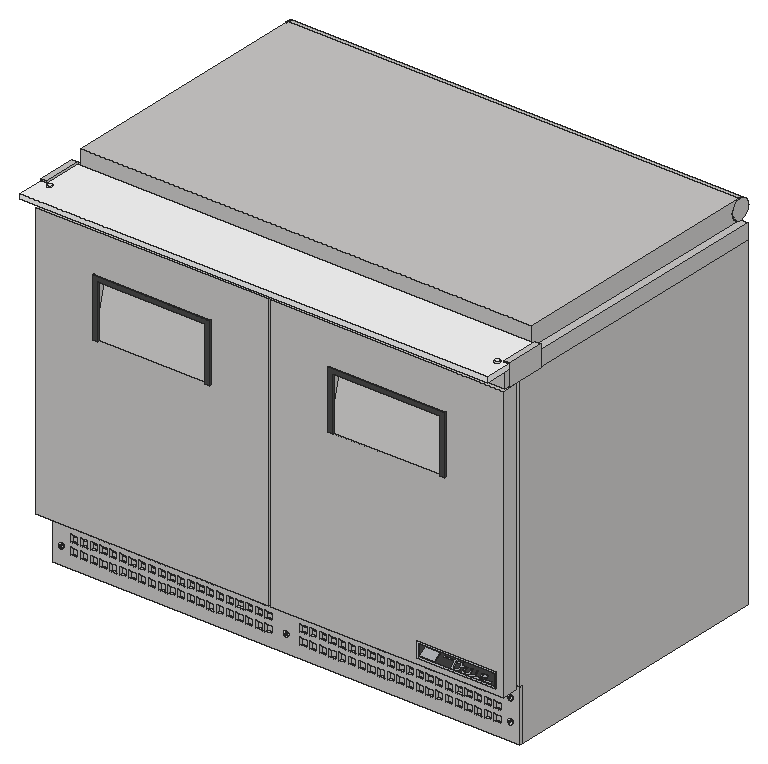
Revit family "QF_TRUE_TFP-48-18M-FGLID", category Specialty Equipment, Revit 2016
Family settings
  Part Type = Normal
  Round Connector Dimension = Use Diameter
  Work Plane-Based = No
  Always vertical = Yes
  Cut with Voids When Loaded = No
  Shared = No
  Room Calculation Point = No
Parameters
  Weight in Pounds = 0
  Watts = if(Phase = 3, Volts * FL Amps * 1.73, Volts * FL Amps)  # 333.5 W
  Volts = 115 V
  URL Cutsheet = ""
  Specification by User = ""
  Specification by Manufacturer = ""
  Show Logo [instance] = yes
  Show Clearance [instance] = yes
  Serial Number = ""
  Seismic Rating = ""
  SMACNA No = ""
  Revision Code = ""
  Phase = 1
  Number of Poles = 1
  NAFEM Spec ID Number = ""
  Model = "TFP-48-18M-FGLID"
  Min Ckt Ampacity = 0 A
  Max Overcurrent Protection = 0 A
  Masterspec = ""
  Manufacturer = "TRUE"
  Length = 48 1/8"
  Item Number = ""
  Installed By = ""
  Identify Quantity as Lot = yes
  Height = 38"
  HP = "1/5"
  Furnished By = ""
  Foodservice Equipment Identifier = yes
  FL Amps = 2.9 A
  Electrical Remarks = ""
  Electric Connection Type = ""
  Elec Conn RI Height = 0"
  Elec Conn Connection Height = 0"
  Description = "FOOD PREP UNIT WITH FLAT GLASS LID"
  Depth = 34 1/2"
  Cycle = 60 Hz
  Conn Plug = "NEMA 5-15P"
  Conn Conduit = yes
  CSI MasterFormat = ""
  Apparent Power = if(Phase = 3, Volts * FL Amps * 1.73, Volts * FL Amps)  # 333.5 VA
Reference planes (in)
  plane 1 "BACK": y = 0
  plane 2: z = 0
  plane 3 "LEFT": x = 0
  plane 4 "RIGHT": x = 48.125
  plane 5 "FRONT": y = -34.5
  plane 6 "TOP": z = 38
  plane 7 "Center Y": x = 24.0625
  plane 8 "Center X": y = -17.25
  plane 9: z = 0.75
  plane 10: z = 36
Dimensions and locks (in)
  equal spacing: plane 3 "LEFT", plane 7 "Center Y", plane 4 "RIGHT"
  "Length": plane 3 "LEFT" to plane 4 "RIGHT"
  equal spacing: plane 5 "FRONT", plane 8 "Center X", plane 1 "BACK"
  "Depth": plane 5 "FRONT" to plane 1 "BACK"
  "Height": plane 6 "TOP" to level
  plane 9 to level = 3/4"
  plane 10 to level = 36"
  aligned and locked: level to plane 2
Nested families (in)
  nested 1: "TFP-48-18M-FGLID" at (0, 16.5, 0), Show Logo <- "Show Logo", Show Clearance <- "Show Clearance", type "TFP-48-18M-FGLID"
    with Type Mark "", Specification by User "", Show Logo yes, Show Clearance yes, Revision Code "", Number of Poles 1, Item Number "", Installed By "", Identify Quantity as Lot yes, Furnished By "", Foodservice Equipment Identifier yes, Electrical Remarks "", Electric Connection Type "", Elec Conn RI Height 0", Elec Conn Connection Height 0"
Connectors (in)
  electrical at (29.81237, -0.96875, 6.1875), driven by "Volts", driven by "Watts"
    settings: on nested 1, index 1, voltage 115 V, apparent load 333.5 VA, apparent load phase1 0 VA, apparent load phase2 0 VA, apparent load phase3 0 VA, power factor 1, load classification "Other", number of poles 1, system type 30, power factor state 1, is connector primary yes, connector utility no, sub classification motor no, connector description "ELECTRICAL CONNECTION"
Definition of nested family "TFP-48-18M-FGLID"
  Parameters (values of type "TFP-48-18M-FGLID")
    Weight in Pounds = 0
    Watts = FL Amps * Volts  # 333.5 W
    Volts = 115 V
    URL Cutsheet = "www.truemfg.com"
    URL = "www.truemfg.com"
    Type Mark [instance] = ""
    Specification by User [instance] = ""
    Specification by Manufacturer = ""
    Show Logo [instance] = yes
    Show Clearance [instance] = yes
    Serial Number = ""
    Seismic Rating = ""
    SMACNA No = ""
    Revision Code [instance] = ""
    Phase = 1
    Omniclass Number and Title = ""
    Number of Poles [instance] = 1
    NAFEM Spec ID Number = ""
    Model = "TFP-48-18M-D-4 LID"
    Min Ckt Ampacity = 0 A
    Max Overcurrent Protection = 0 A
    Masterspec = ""
    Manufacturer = "TRUE FOOD SERVICE EQUIPMENT, INC."
    Item Number [instance] = ""
    Installed By [instance] = ""
    Identify Quantity as Lot [instance] = yes
    HP = "1/5"
    Furnished By [instance] = ""
    Foodservice Equipment Identifier [instance] = yes
    FL Amps = 2.9 A
    Electrical Remarks [instance] = ""
    Electric Connection Type [instance] = ""
    Elec Conn RI Height [instance] = 0"
    Elec Conn Connection Height [instance] = 0"
    Description = "DRAWERED FOOD PREP UNIT"
    Cycle = 60 Hz
    Conn Plug = "5-15P"
    Conn Conduit = yes
    CSI MasterFormat = ""
    CSI Master Format = ""
    Apparent Power = if(Phase = 3, Volts * FL Amps * 1.73, Volts * FL Amps)  # 333.5 VA
  Reference planes (in)
    plane 1 "BACK": y = -16.5
    plane 2: z = 0
    plane 3 "LEFT": x = 0
    plane 4 "RIGHT": x = 48.125
    plane 5 "FRONT": y = -51
    plane 6 "TOP": z = 38
    plane 7: y = -48.75
    plane 8: z = 0.75
    plane 9: z = 59.625
    plane 10: z = 36
    plane 11: y = -71.25
    plane 12: x = 24.0625
    plane 13: x = 47.3125
    plane 14: x = 0.8125
  Forms (in)
    Extrusion 1, solid
      sketch origin (8, -16.96875, 0) x (1, 0, 0) y (0, 0, 1)
        loop
          line (-8, 0.75) -> (40.125, 0.75) -> (40.125, 6.05001) -> (-8, 6.05001) -> (-8, 0.75)
        loop
          line (-6.10691, 5.23339) -> (-6.10691, 4.48339) -> (-5.35691, 4.48339) -> (-5.35691, 5.23339) -> (-6.10691, 5.23339)
        loop
          line (-4.10691, 5.23339) -> (-4.10691, 4.48339) -> (-3.35691, 4.48339) -> (-3.35691, 5.23339) -> (-4.10691, 5.23339)
        loop
          line (-2.10691, 5.23339) -> (-2.10691, 4.48339) -> (-1.35691, 4.48339) -> (-1.35691, 5.23339) -> (-2.10691, 5.23339)
        loop
          line (-0.10691, 5.23339) -> (-0.10691, 4.48339) -> (0.64309, 4.48339) -> (0.64309, 5.23339) -> (-0.10691, 5.23339)
        loop
          line (1.89309, 5.23339) -> (1.89309, 4.48339) -> (2.64309, 4.48339) -> (2.64309, 5.23339) -> (1.89309, 5.23339)
        loop
          line (3.89309, 5.23339) -> (3.89309, 4.48339) -> (4.64309, 4.48339) -> (4.64309, 5.23339) -> (3.89309, 5.23339)
        loop
          line (5.89309, 5.23339) -> (5.89309, 4.48339) -> (6.64309, 4.48339) -> (6.64309, 5.23339) -> (5.89309, 5.23339)
        loop
          line (-6.10691, 3.98339) -> (-6.10691, 3.23339) -> (-5.35691, 3.23339) -> (-5.35691, 3.98339) -> (-6.10691, 3.98339)
        loop
          line (-4.10691, 3.98339) -> (-4.10691, 3.23339) -> (-3.35691, 3.23339) -> (-3.35691, 3.98339) -> (-4.10691, 3.98339)
        loop
          line (-2.10691, 3.98339) -> (-2.10691, 3.23339) -> (-1.35691, 3.23339) -> (-1.35691, 3.98339) -> (-2.10691, 3.98339)
        loop
          line (-0.10691, 3.98339) -> (-0.10691, 3.23339) -> (0.64309, 3.23339) -> (0.64309, 3.98339) -> (-0.10691, 3.98339)
        loop
          line (1.89309, 3.98339) -> (1.89309, 3.23339) -> (2.64309, 3.23339) -> (2.64309, 3.98339) -> (1.89309, 3.98339)
        loop
          line (3.89309, 3.98339) -> (3.89309, 3.23339) -> (4.64309, 3.23339) -> (4.64309, 3.98339) -> (3.89309, 3.98339)
        loop
          line (5.89309, 3.98339) -> (5.89309, 3.23339) -> (6.64309, 3.23339) -> (6.64309, 3.98339) -> (5.89309, 3.98339)
        loop
          line (-6.10691, 2.73339) -> (-6.10691, 1.98339) -> (-5.35691, 1.98339) -> (-5.35691, 2.73339) -> (-6.10691, 2.73339)
        loop
          line (-4.10691, 2.73339) -> (-4.10691, 1.98339) -> (-3.35691, 1.98339) -> (-3.35691, 2.73339) -> (-4.10691, 2.73339)
        loop
          line (-2.10691, 2.73339) -> (-2.10691, 1.98339) -> (-1.35691, 1.98339) -> (-1.35691, 2.73339) -> (-2.10691, 2.73339)
        loop
          line (-0.10691, 2.73339) -> (-0.10691, 1.98339) -> (0.64309, 1.98339) -> (0.64309, 2.73339) -> (-0.10691, 2.73339)
        loop
          line (1.89309, 2.73339) -> (1.89309, 1.98339) -> (2.64309, 1.98339) -> (2.64309, 2.73339) -> (1.89309, 2.73339)
        loop
          line (3.89309, 2.73339) -> (3.89309, 1.98339) -> (4.64309, 1.98339) -> (4.64309, 2.73339) -> (3.89309, 2.73339)
        loop
          line (5.89309, 2.73339) -> (5.89309, 1.98339) -> (6.64309, 1.98339) -> (6.64309, 2.73339) -> (5.89309, 2.73339)
        loop
          line (-5.10691, 5.23339) -> (-5.10691, 4.48339) -> (-4.35691, 4.48339) -> (-4.35691, 5.23339) -> (-5.10691, 5.23339)
        loop
          line (-5.10691, 3.98339) -> (-5.10691, 3.23339) -> (-4.35691, 3.23339) -> (-4.35691, 3.98339) -> (-5.10691, 3.98339)
        loop
          line (-5.10691, 2.73339) -> (-5.10691, 1.98339) -> (-4.35691, 1.98339) -> (-4.35691, 2.73339) -> (-5.10691, 2.73339)
        loop
          line (-3.10691, 5.23339) -> (-3.10691, 4.48339) -> (-2.35691, 4.48339) -> (-2.35691, 5.23339) -> (-3.10691, 5.23339)
        loop
          line (-3.10691, 3.98339) -> (-3.10691, 3.23339) -> (-2.35691, 3.23339) -> (-2.35691, 3.98339) -> (-3.10691, 3.98339)
        loop
          line (-3.10691, 2.73339) -> (-3.10691, 1.98339) -> (-2.35691, 1.98339) -> (-2.35691, 2.73339) -> (-3.10691, 2.73339)
        loop
          line (-1.10691, 5.23339) -> (-1.10691, 4.48339) -> (-0.35691, 4.48339) -> (-0.35691, 5.23339) -> (-1.10691, 5.23339)
        loop
          line (-1.10691, 3.98339) -> (-1.10691, 3.23339) -> (-0.35691, 3.23339) -> (-0.35691, 3.98339) -> (-1.10691, 3.98339)
        loop
          line (-1.10691, 2.73339) -> (-1.10691, 1.98339) -> (-0.35691, 1.98339) -> (-0.35691, 2.73339) -> (-1.10691, 2.73339)
        loop
          line (0.89309, 5.23339) -> (0.89309, 4.48339) -> (1.64309, 4.48339) -> (1.64309, 5.23339) -> (0.89309, 5.23339)
        loop
          line (0.89309, 3.98339) -> (0.89309, 3.23339) -> (1.64309, 3.23339) -> (1.64309, 3.98339) -> (0.89309, 3.98339)
        loop
          line (0.89309, 2.73339) -> (0.89309, 1.98339) -> (1.64309, 1.98339) -> (1.64309, 2.73339) -> (0.89309, 2.73339)
        loop
          line (2.89309, 5.23339) -> (2.89309, 4.48339) -> (3.64309, 4.48339) -> (3.64309, 5.23339) -> (2.89309, 5.23339)
        loop
          line (2.89309, 3.98339) -> (2.89309, 3.23339) -> (3.64309, 3.23339) -> (3.64309, 3.98339) -> (2.89309, 3.98339)
        loop
          line (2.89309, 2.73339) -> (2.89309, 1.98339) -> (3.64309, 1.98339) -> (3.64309, 2.73339) -> (2.89309, 2.73339)
        loop
          line (4.89309, 5.23339) -> (4.89309, 4.48339) -> (5.64309, 4.48339) -> (5.64309, 5.23339) -> (4.89309, 5.23339)
        loop
          line (4.89309, 3.98339) -> (4.89309, 3.23339) -> (5.64309, 3.23339) -> (5.64309, 3.98339) -> (4.89309, 3.98339)
        loop
          line (4.89309, 2.73339) -> (4.89309, 1.98339) -> (5.64309, 1.98339) -> (5.64309, 2.73339) -> (4.89309, 2.73339)
        loop
          line (7.89309, 5.23339) -> (7.89309, 4.48339) -> (8.64309, 4.48339) -> (8.64309, 5.23339) -> (7.89309, 5.23339)
        loop
          line (9.89309, 5.23339) -> (9.89309, 4.48339) -> (10.64309, 4.48339) -> (10.64309, 5.23339) -> (9.89309, 5.23339)
        loop
          line (11.89309, 5.23339) -> (11.89309, 4.48339) -> (12.64309, 4.48339) -> (12.64309, 5.23339) -> (11.89309, 5.23339)
        loop
          line (7.89309, 3.98339) -> (7.89309, 3.23339) -> (8.64309, 3.23339) -> (8.64309, 3.98339) -> (7.89309, 3.98339)
        loop
          line (9.89309, 3.98339) -> (9.89309, 3.23339) -> (10.64309, 3.23339) -> (10.64309, 3.98339) -> (9.89309, 3.98339)
        loop
          line (11.89309, 3.98339) -> (11.89309, 3.23339) -> (12.64309, 3.23339) -> (12.64309, 3.98339) -> (11.89309, 3.98339)
        loop
          line (7.89309, 2.73339) -> (7.89309, 1.98339) -> (8.64309, 1.98339) -> (8.64309, 2.73339) -> (7.89309, 2.73339)
        loop
          line (9.89309, 2.73339) -> (9.89309, 1.98339) -> (10.64309, 1.98339) -> (10.64309, 2.73339) -> (9.89309, 2.73339)
        loop
          line (11.89309, 2.73339) -> (11.89309, 1.98339) -> (12.64309, 1.98339) -> (12.64309, 2.73339) -> (11.89309, 2.73339)
        loop
          line (6.89309, 5.23339) -> (6.89309, 4.48339) -> (7.64309, 4.48339) -> (7.64309, 5.23339) -> (6.89309, 5.23339)
        loop
          line (6.89309, 3.98339) -> (6.89309, 3.23339) -> (7.64309, 3.23339) -> (7.64309, 3.98339) -> (6.89309, 3.98339)
        loop
          line (6.89309, 2.73339) -> (6.89309, 1.98339) -> (7.64309, 1.98339) -> (7.64309, 2.73339) -> (6.89309, 2.73339)
        loop
          line (8.89309, 5.23339) -> (8.89309, 4.48339) -> (9.64309, 4.48339) -> (9.64309, 5.23339) -> (8.89309, 5.23339)
        loop
          line (8.89309, 3.98339) -> (8.89309, 3.23339) -> (9.64309, 3.23339) -> (9.64309, 3.98339) -> (8.89309, 3.98339)
        loop
          line (8.89309, 2.73339) -> (8.89309, 1.98339) -> (9.64309, 1.98339) -> (9.64309, 2.73339) -> (8.89309, 2.73339)
        loop
          line (10.89309, 5.23339) -> (10.89309, 4.48339) -> (11.64309, 4.48339) -> (11.64309, 5.23339) -> (10.89309, 5.23339)
        loop
          line (10.89309, 3.98339) -> (10.89309, 3.23339) -> (11.64309, 3.23339) -> (11.64309, 3.98339) -> (10.89309, 3.98339)
        loop
          line (10.89309, 2.73339) -> (10.89309, 1.98339) -> (11.64309, 1.98339) -> (11.64309, 2.73339) -> (10.89309, 2.73339)
        loop
          line (13.89309, 5.23339) -> (13.89309, 4.48339) -> (14.64309, 4.48339) -> (14.64309, 5.23339) -> (13.89309, 5.23339)
        loop
          line (13.89309, 3.98339) -> (13.89309, 3.23339) -> (14.64309, 3.23339) -> (14.64309, 3.98339) -> (13.89309, 3.98339)
        loop
          line (13.89309, 2.73339) -> (13.89309, 1.98339) -> (14.64309, 1.98339) -> (14.64309, 2.73339) -> (13.89309, 2.73339)
        loop
          line (12.89309, 5.23339) -> (12.89309, 4.48339) -> (13.64309, 4.48339) -> (13.64309, 5.23339) -> (12.89309, 5.23339)
        loop
          line (12.89309, 3.98339) -> (12.89309, 3.23339) -> (13.64309, 3.23339) -> (13.64309, 3.98339) -> (12.89309, 3.98339)
        loop
          line (12.89309, 2.73339) -> (12.89309, 1.98339) -> (13.64309, 1.98339) -> (13.64309, 2.73339) -> (12.89309, 2.73339)
        loop
          line (38.23191, 5.23339) -> (37.48191, 5.23339) -> (37.48191, 4.48339) -> (38.23191, 4.48339) -> (38.23191, 5.23339)
        loop
          line (36.23191, 5.23339) -> (35.48191, 5.23339) -> (35.48191, 4.48339) -> (36.23191, 4.48339) -> (36.23191, 5.23339)
        loop
          line (34.23191, 5.23339) -> (33.48191, 5.23339) -> (33.48191, 4.48339) -> (34.23191, 4.48339) -> (34.23191, 5.23339)
        loop
          line (32.23191, 5.23339) -> (31.48191, 5.23339) -> (31.48191, 4.48339) -> (32.23191, 4.48339) -> (32.23191, 5.23339)
        loop
          line (30.23191, 5.23339) -> (29.48191, 5.23339) -> (29.48191, 4.48339) -> (30.23191, 4.48339) -> (30.23191, 5.23339)
        loop
          line (28.23191, 5.23339) -> (27.48191, 5.23339) -> (27.48191, 4.48339) -> (28.23191, 4.48339) -> (28.23191, 5.23339)
        loop
          line (26.23191, 5.23339) -> (25.48191, 5.23339) -> (25.48191, 4.48339) -> (26.23191, 4.48339) -> (26.23191, 5.23339)
        loop
          line (38.23191, 3.98339) -> (37.48191, 3.98339) -> (37.48191, 3.23339) -> (38.23191, 3.23339) -> (38.23191, 3.98339)
        loop
          line (36.23191, 3.98339) -> (35.48191, 3.98339) -> (35.48191, 3.23339) -> (36.23191, 3.23339) -> (36.23191, 3.98339)
        loop
          line (34.23191, 3.98339) -> (33.48191, 3.98339) -> (33.48191, 3.23339) -> (34.23191, 3.23339) -> (34.23191, 3.98339)
        loop
          line (32.23191, 3.98339) -> (31.48191, 3.98339) -> (31.48191, 3.23339) -> (32.23191, 3.23339) -> (32.23191, 3.98339)
        loop
          line (30.23191, 3.98339) -> (29.48191, 3.98339) -> (29.48191, 3.23339) -> (30.23191, 3.23339) -> (30.23191, 3.98339)
        loop
          line (28.23191, 3.98339) -> (27.48191, 3.98339) -> (27.48191, 3.23339) -> (28.23191, 3.23339) -> (28.23191, 3.98339)
        loop
          line (26.23191, 3.98339) -> (25.48191, 3.98339) -> (25.48191, 3.23339) -> (26.23191, 3.23339) -> (26.23191, 3.98339)
        loop
          line (38.23191, 2.73339) -> (37.48191, 2.73339) -> (37.48191, 1.98339) -> (38.23191, 1.98339) -> (38.23191, 2.73339)
        loop
          line (36.23191, 2.73339) -> (35.48191, 2.73339) -> (35.48191, 1.98339) -> (36.23191, 1.98339) -> (36.23191, 2.73339)
        loop
          line (34.23191, 2.73339) -> (33.48191, 2.73339) -> (33.48191, 1.98339) -> (34.23191, 1.98339) -> (34.23191, 2.73339)
        loop
          line (32.23191, 2.73339) -> (31.48191, 2.73339) -> (31.48191, 1.98339) -> (32.23191, 1.98339) -> (32.23191, 2.73339)
        loop
          line (30.23191, 2.73339) -> (29.48191, 2.73339) -> (29.48191, 1.98339) -> (30.23191, 1.98339) -> (30.23191, 2.73339)
        loop
          line (28.23191, 2.73339) -> (27.48191, 2.73339) -> (27.48191, 1.98339) -> (28.23191, 1.98339) -> (28.23191, 2.73339)
        loop
          line (26.23191, 2.73339) -> (25.48191, 2.73339) -> (25.48191, 1.98339) -> (26.23191, 1.98339) -> (26.23191, 2.73339)
        loop
          line (37.23191, 5.23339) -> (36.48191, 5.23339) -> (36.48191, 4.48339) -> (37.23191, 4.48339) -> (37.23191, 5.23339)
        loop
          line (37.23191, 3.98339) -> (36.48191, 3.98339) -> (36.48191, 3.23339) -> (37.23191, 3.23339) -> (37.23191, 3.98339)
        loop
          line (37.23191, 2.73339) -> (36.48191, 2.73339) -> (36.48191, 1.98339) -> (37.23191, 1.98339) -> (37.23191, 2.73339)
        loop
          line (35.23191, 5.23339) -> (34.48191, 5.23339) -> (34.48191, 4.48339) -> (35.23191, 4.48339) -> (35.23191, 5.23339)
        loop
          line (35.23191, 3.98339) -> (34.48191, 3.98339) -> (34.48191, 3.23339) -> (35.23191, 3.23339) -> (35.23191, 3.98339)
        loop
          line (35.23191, 2.73339) -> (34.48191, 2.73339) -> (34.48191, 1.98339) -> (35.23191, 1.98339) -> (35.23191, 2.73339)
        loop
          line (33.23191, 5.23339) -> (32.48191, 5.23339) -> (32.48191, 4.48339) -> (33.23191, 4.48339) -> (33.23191, 5.23339)
        loop
          line (33.23191, 3.98339) -> (32.48191, 3.98339) -> (32.48191, 3.23339) -> (33.23191, 3.23339) -> (33.23191, 3.98339)
        loop
          line (33.23191, 2.73339) -> (32.48191, 2.73339) -> (32.48191, 1.98339) -> (33.23191, 1.98339) -> (33.23191, 2.73339)
        loop
          line (31.23191, 5.23339) -> (30.48191, 5.23339) -> (30.48191, 4.48339) -> (31.23191, 4.48339) -> (31.23191, 5.23339)
        loop
          line (31.23191, 3.98339) -> (30.48191, 3.98339) -> (30.48191, 3.23339) -> (31.23191, 3.23339) -> (31.23191, 3.98339)
        loop
          line (31.23191, 2.73339) -> (30.48191, 2.73339) -> (30.48191, 1.98339) -> (31.23191, 1.98339) -> (31.23191, 2.73339)
        loop
          line (29.23191, 5.23339) -> (28.48191, 5.23339) -> (28.48191, 4.48339) -> (29.23191, 4.48339) -> (29.23191, 5.23339)
        loop
          line (29.23191, 3.98339) -> (28.48191, 3.98339) -> (28.48191, 3.23339) -> (29.23191, 3.23339) -> (29.23191, 3.98339)
        loop
          line (29.23191, 2.73339) -> (28.48191, 2.73339) -> (28.48191, 1.98339) -> (29.23191, 1.98339) -> (29.23191, 2.73339)
        loop
          line (27.23191, 5.23339) -> (26.48191, 5.23339) -> (26.48191, 4.48339) -> (27.23191, 4.48339) -> (27.23191, 5.23339)
        loop
          line (27.23191, 3.98339) -> (26.48191, 3.98339) -> (26.48191, 3.23339) -> (27.23191, 3.23339) -> (27.23191, 3.98339)
        loop
          line (27.23191, 2.73339) -> (26.48191, 2.73339) -> (26.48191, 1.98339) -> (27.23191, 1.98339) -> (27.23191, 2.73339)
        loop
          line (24.23191, 5.23339) -> (23.48191, 5.23339) -> (23.48191, 4.48339) -> (24.23191, 4.48339) -> (24.23191, 5.23339)
        loop
          line (22.23191, 5.23339) -> (21.48191, 5.23339) -> (21.48191, 4.48339) -> (22.23191, 4.48339) -> (22.23191, 5.23339)
        loop
          line (20.23191, 5.23339) -> (19.48191, 5.23339) -> (19.48191, 4.48339) -> (20.23191, 4.48339) -> (20.23191, 5.23339)
        loop
          line (24.23191, 3.98339) -> (23.48191, 3.98339) -> (23.48191, 3.23339) -> (24.23191, 3.23339) -> (24.23191, 3.98339)
        loop
          line (22.23191, 3.98339) -> (21.48191, 3.98339) -> (21.48191, 3.23339) -> (22.23191, 3.23339) -> (22.23191, 3.98339)
        loop
          line (20.23191, 3.98339) -> (19.48191, 3.98339) -> (19.48191, 3.23339) -> (20.23191, 3.23339) -> (20.23191, 3.98339)
        loop
          line (24.23191, 2.73339) -> (23.48191, 2.73339) -> (23.48191, 1.98339) -> (24.23191, 1.98339) -> (24.23191, 2.73339)
        loop
          line (22.23191, 2.73339) -> (21.48191, 2.73339) -> (21.48191, 1.98339) -> (22.23191, 1.98339) -> (22.23191, 2.73339)
        loop
          line (20.23191, 2.73339) -> (19.48191, 2.73339) -> (19.48191, 1.98339) -> (20.23191, 1.98339) -> (20.23191, 2.73339)
        loop
          line (25.23191, 5.23339) -> (24.48191, 5.23339) -> (24.48191, 4.48339) -> (25.23191, 4.48339) -> (25.23191, 5.23339)
        loop
          line (25.23191, 3.98339) -> (24.48191, 3.98339) -> (24.48191, 3.23339) -> (25.23191, 3.23339) -> (25.23191, 3.98339)
        loop
          line (25.23191, 2.73339) -> (24.48191, 2.73339) -> (24.48191, 1.98339) -> (25.23191, 1.98339) -> (25.23191, 2.73339)
        loop
          line (23.23191, 5.23339) -> (22.48191, 5.23339) -> (22.48191, 4.48339) -> (23.23191, 4.48339) -> (23.23191, 5.23339)
        loop
          line (23.23191, 3.98339) -> (22.48191, 3.98339) -> (22.48191, 3.23339) -> (23.23191, 3.23339) -> (23.23191, 3.98339)
        loop
          line (23.23191, 2.73339) -> (22.48191, 2.73339) -> (22.48191, 1.98339) -> (23.23191, 1.98339) -> (23.23191, 2.73339)
        loop
          line (21.23191, 5.23339) -> (20.48191, 5.23339) -> (20.48191, 4.48339) -> (21.23191, 4.48339) -> (21.23191, 5.23339)
        loop
          line (21.23191, 3.98339) -> (20.48191, 3.98339) -> (20.48191, 3.23339) -> (21.23191, 3.23339) -> (21.23191, 3.98339)
        loop
          line (21.23191, 2.73339) -> (20.48191, 2.73339) -> (20.48191, 1.98339) -> (21.23191, 1.98339) -> (21.23191, 2.73339)
        loop
          line (18.23191, 5.23339) -> (17.48191, 5.23339) -> (17.48191, 4.48339) -> (18.23191, 4.48339) -> (18.23191, 5.23339)
        loop
          line (18.23191, 3.98339) -> (17.48191, 3.98339) -> (17.48191, 3.23339) -> (18.23191, 3.23339) -> (18.23191, 3.98339)
        loop
          line (18.23191, 2.73339) -> (17.48191, 2.73339) -> (17.48191, 1.98339) -> (18.23191, 1.98339) -> (18.23191, 2.73339)
        loop
          line (19.23191, 5.23339) -> (18.48191, 5.23339) -> (18.48191, 4.48339) -> (19.23191, 4.48339) -> (19.23191, 5.23339)
        loop
          line (19.23191, 3.98339) -> (18.48191, 3.98339) -> (18.48191, 3.23339) -> (19.23191, 3.23339) -> (19.23191, 3.98339)
        loop
          line (19.23191, 2.73339) -> (18.48191, 2.73339) -> (18.48191, 1.98339) -> (19.23191, 1.98339) -> (19.23191, 2.73339)
      from 29.62 to 29.87
    Extrusion 2, solid
      sketch origin (0, -0.96875, 0) x (0, 1, 0) y (0, 0, 1)
        loop
          line (-47.78125, 36) -> (-47.78125, 34.40823) -> (-16.53125, 34.40823) -> (-16.53125, 36) -> (-47.78125, 36)
      from 0 to 48.125
    Extrusion 3, solid
      sketch origin (0, -0.96875, 0) x (0, 1, 0) y (0, 0, 1)
        loop
          line (-45.87, 34.40823) -> (-45.87, 6.04042) -> (-17, 6.04042) -> (-17, 3.25) -> (-45.12, 3.25) -> (-45.12, 1) -> (-45.62, 1) -> (-45.62, 0.75) -> (-44.87, 0.75) -> (-44.87, 3) -> (-17, 3) -> (-17, 0.75) -> (-16.53125, 0.75) -> (-16.53125, 34.40823) -> (-45.87, 34.40823)
      from 0 to 48.125
    Extrusion 4, solid
      sketch origin (0, -17.46875, 0) x (1, 0, 0) y (0, 0, 1)
        loop
          line (0, 0.75) -> (0.53645, 0.75) -> (0.53645, 6.04042) -> (0, 6.04042) -> (0, 0.75)
        loop
          line (48.125, 0.75) -> (48.125, 6.04042) -> (47.58855, 6.04042) -> (47.58855, 0.75) -> (48.125, 0.75)
      from 0.03125 to 29.12
    Extrusion 5, solid
      sketch origin (0, -15.96875, 0) x (1, 0, 0) y (0, 0, 1)
        loop
          line (23.9375, 6.04042) -> (23.9375, 34.28323) -> (0, 34.28323) -> (0, 6.04042) -> (23.9375, 6.04042)
        loop
          line (5.96875, 24.28323) -> (17.96875, 24.28323) -> (17.96875, 30.28323) -> (5.96875, 30.28323) -> (5.96875, 24.28323)
        loop
          line (24.1875, 6.04042) -> (48.125, 6.04042) -> (48.125, 34.28323) -> (24.1875, 34.28323) -> (24.1875, 6.04042)
        loop
          line (42.15625, 24.28323) -> (42.15625, 30.28323) -> (30.15625, 30.28323) -> (30.15625, 24.28323) -> (42.15625, 24.28323)
      from 31.44201 to 33
    Extrusion 6, solid
      sketch origin (0, 0.53125, 0) x (0, 1, 0) y (0, 0, 1)
        loop
          line (-47.94201, 33.8406) -> (-47.94201, 20.62458) -> (-47.37, 20.62458) -> (-47.37, 33.8406) -> (-47.94201, 33.8406)
        loop
          line (-47.94201, 19.61128) -> (-47.94201, 6.82675) -> (-47.37, 6.82675) -> (-47.37, 19.61128) -> (-47.94201, 19.61128)
      from 0.53645 to 23.40105
    Extrusion 7, solid
      sketch origin (-3.46875, 0.53125, 0) x (0, 1, 0) y (0, 0, 1)
        loop
          line (-47.94201, 30.28323) -> (-49.5, 24.28323) -> (-47.94201, 24.28323) -> (-47.94201, 30.28323)
      from 9.4375 to 21.4375
    Extrusion 8, solid
      sketch origin (-3.46875, -48.96875, 0) x (1, 0, 0) y (0, 0, 1)
        loop
          line (21.4375, 30.28323) -> (9.4375, 30.28323) -> (9.4375, 24.28323) -> (9.9375, 24.28323) -> (9.9375, 29.78323) -> (20.9375, 29.78323) -> (20.9375, 24.28323) -> (21.4375, 24.28323) -> (21.4375, 30.28323)
        loop
          line (33.625, 30.28323) -> (33.625, 24.28323) -> (34.125, 24.28323) -> (34.125, 29.78323) -> (45.125, 29.78323) -> (45.125, 24.28323) -> (45.625, 24.28323) -> (45.625, 30.28323) -> (33.625, 30.28323)
      from 0 to 0.125
    Extrusion 9, solid
      sketch origin (0, -0.96875, 0) x (0, 1, 0) y (0, 0, 1)
        loop
          line (-50.03125, 36.5) -> (-50.03125, 36) -> (-43.28125, 36) -> (-43.28125, 36.5) -> (-50.03125, 36.5)
      from 0 to 48.125
    Extrusion 10, solid
      sketch origin (0.3125, -46.83875, 0) x (1, 0, 0) y (0, 0, 1)
        loop
          circle (0.625, 4.80001) r 0.25
        loop
          circle (0.625, 2.55001) r 0.25
        loop
          line (0.60938, 4.93254) -> (0.60938, 4.81564) -> (0.49788, 4.81564) -> (0.49788, 4.78439) -> (0.60938, 4.78439) -> (0.60937, 4.66749) -> (0.64062, 4.66749) -> (0.64063, 4.78439) -> (0.75212, 4.78439) -> (0.75212, 4.81564) -> (0.64063, 4.81564) -> (0.64063, 4.93254) -> (0.60938, 4.93254)
        loop
          line (0.60937, 2.68254) -> (0.60937, 2.56564) -> (0.49788, 2.56564) -> (0.49788, 2.53439) -> (0.60937, 2.53439) -> (0.60937, 2.41749) -> (0.64062, 2.41749) -> (0.64062, 2.53439) -> (0.75212, 2.53439) -> (0.75212, 2.56564) -> (0.64062, 2.56564) -> (0.64062, 2.68254) -> (0.60937, 2.68254)
      from 0 to 0.0625
    Revolve 11, solid
      sketch origin (1.76401, -43.01704, 0.25) x (1, 0, 0) y (0, 0, 1)
        loop
          line (2.62908, 2.14592) -> (2.525, 2.25) -> (1.475, 2.25) -> (1.375, 2.15) -> (1.375, 1.10871) -> (1.05969, 1.10871) -> (1.05969, 1) -> (2.94031, 1) -> (2.94031, 1.10871) -> (2.62908, 1.10871) -> (2.62908, 2.14592)
        axis (2.94031, 1) -> (1.05969, 1)
      angle from 0 to 360
    Revolve 12, solid
      sketch origin (1.76605, -43.76651, -2.97972) x (1, 0, 0) y (0, 0, 1)
        loop
          line (2, 5.74546) -> (2, 5.97972) -> (0.70293, 5.97972) -> (0.70293, 5.74546) -> (2, 5.74546)
        axis (2, 5.74546) -> (2, 5.97972)
      angle from 0 to 360
    Extrusion 13, solid
      sketch origin (-46.0152, -15.29971, -2.47972) x (0, 1, 0) y (0, 0, 1)
        loop
          line (-29.85761, 5.24546) -> (-29.85761, 5.04886) -> (-27.1095, 5.04886) -> (-27.1095, 5.24546) -> (-29.85761, 5.24546)
      from 49.10625 to 50.45625
    Extrusion 14, solid
      sketch origin (1.76605, -13.64346, -2.21999) x (0, 1, 0) y (0, 0, 1)
        loop
          line (-31.51386, 4.98574) -> (-31.51386, 4.78914) -> (-31.17057, 4.78914) -> (-29.89421, 3.10275)
          arc (-29.89421, 3.10275) -> (-29.21858, 2.8289) -> (-28.76575, 3.40024) r 0.60806
          line (-28.76575, 3.40024) -> (-28.76575, 4.98574) -> (-31.51386, 4.98574)
      from 1.175 to 1.325
    Extrusion 15, solid
      sketch origin (5.76605, -13.64346, -2.21999) x (0, 1, 0) y (0, 0, -1)
        loop
          line (-31.51386, -4.98574) -> (-28.76575, -4.98574) -> (-28.76575, -3.40024)
          arc (-28.76575, -3.40024) -> (-29.21858, -2.8289) -> (-29.89421, -3.10275) r 0.60806
          line (-29.89421, -3.10275) -> (-31.17057, -4.78914) -> (-31.51386, -4.78914) -> (-31.51386, -4.98574)
      from 1.175 to 1.325
    Revolve 16, solid
      sketch origin (1.76401, -19.82954, 0.25) x (1, 0, 0) y (0, 0, 1)
        loop
          line (2.62908, 2.14592) -> (2.525, 2.25) -> (1.475, 2.25) -> (1.375, 2.15) -> (1.375, 1.10871) -> (1.05969, 1.10871) -> (1.05969, 1) -> (2.94031, 1) -> (2.94031, 1.10871) -> (2.62908, 1.10871) -> (2.62908, 2.14592)
        axis (2.94031, 1) -> (1.05969, 1)
      angle from 0 to 360
    Revolve 17, solid
      sketch origin (1.76605, -20.57901, -2.97972) x (1, 0, 0) y (0, 0, 1)
        loop
          line (2, 5.74546) -> (2, 5.97972) -> (0.70293, 5.97972) -> (0.70293, 5.74546) -> (2, 5.74546)
        axis (2, 5.74546) -> (2, 5.97972)
      angle from 0 to 360
    Extrusion 18, solid
      sketch origin (-46.0152, 7.88779, -2.47972) x (0, 1, 0) y (0, 0, 1)
        loop
          line (-29.85761, 5.24546) -> (-29.85761, 5.04886) -> (-27.1095, 5.04886) -> (-27.1095, 5.24546) -> (-29.85761, 5.24546)
      from 49.10625 to 50.45625
    Extrusion 19, solid
      sketch origin (1.76605, 9.54404, -2.21999) x (0, 1, 0) y (0, 0, 1)
        loop
          line (-31.51386, 4.98574) -> (-31.51386, 4.78914) -> (-31.17057, 4.78914) -> (-29.89421, 3.10275)
          arc (-29.89421, 3.10275) -> (-29.21858, 2.8289) -> (-28.76575, 3.40024) r 0.60806
          line (-28.76575, 3.40024) -> (-28.76575, 4.98574) -> (-31.51386, 4.98574)
      from 1.175 to 1.325
    Extrusion 20, solid
      sketch origin (5.76605, 9.54404, -2.21999) x (0, 1, 0) y (0, 0, -1)
        loop
          line (-31.51386, -4.98574) -> (-28.76575, -4.98574) -> (-28.76575, -3.40024)
          arc (-28.76575, -3.40024) -> (-29.21858, -2.8289) -> (-29.89421, -3.10275) r 0.60806
          line (-29.89421, -3.10275) -> (-31.17057, -4.78914) -> (-31.51386, -4.78914) -> (-31.51386, -4.98574)
      from 1.175 to 1.325
    Revolve 21, solid
      sketch origin (46.36099, -43.01704, 0.25) x (-1, 0, 0) y (0, 0, -1)
        loop
          line (2.62908, -2.14592) -> (2.62908, -1.10871) -> (2.94031, -1.10871) -> (2.94031, -1) -> (1.05969, -1) -> (1.05969, -1.10871) -> (1.375, -1.10871) -> (1.375, -2.15) -> (1.475, -2.25) -> (2.525, -2.25) -> (2.62908, -2.14592)
        axis (2.94031, -1) -> (1.05969, -1)
      angle from 0 to 360
    Revolve 22, solid
      sketch origin (46.35895, -43.76651, -2.97972) x (-1, 0, 0) y (0, 0, -1)
        loop
          line (2, -5.74546) -> (0.70293, -5.74546) -> (0.70293, -5.97972) -> (2, -5.97972) -> (2, -5.74546)
        axis (2, -5.74546) -> (2, -5.97972)
      angle from 0 to 360
    Extrusion 23, solid
      sketch origin (94.1402, -15.29971, -2.47972) x (0, 1, 0) y (0, 0, -1)
        loop
          line (-29.85761, -5.24546) -> (-27.1095, -5.24546) -> (-27.1095, -5.04886) -> (-29.85761, -5.04886) -> (-29.85761, -5.24546)
      from 49.10625 to 50.45625
    Extrusion 24, solid
      sketch origin (46.35895, -13.64346, -2.21999) x (0, 1, 0) y (0, 0, -1)
        loop
          line (-31.51386, -4.98574) -> (-28.76575, -4.98574) -> (-28.76575, -3.40024)
          arc (-28.76575, -3.40024) -> (-29.21858, -2.8289) -> (-29.89421, -3.10275) r 0.60806
          line (-29.89421, -3.10275) -> (-31.17057, -4.78914) -> (-31.51386, -4.78914) -> (-31.51386, -4.98574)
      from 1.175 to 1.325
    Extrusion 25, solid
      sketch origin (42.35895, -13.64346, -2.21999) x (0, 1, 0) y (0, 0, 1)
        loop
          line (-31.51386, 4.98574) -> (-31.51386, 4.78914) -> (-31.17057, 4.78914) -> (-29.89421, 3.10275)
          arc (-29.89421, 3.10275) -> (-29.21858, 2.8289) -> (-28.76575, 3.40024) r 0.60806
          line (-28.76575, 3.40024) -> (-28.76575, 4.98574) -> (-31.51386, 4.98574)
      from 1.175 to 1.325
    Revolve 26, solid
      sketch origin (46.36099, -19.82954, 0.25) x (-1, 0, 0) y (0, 0, -1)
        loop
          line (2.62908, -2.14592) -> (2.62908, -1.10871) -> (2.94031, -1.10871) -> (2.94031, -1) -> (1.05969, -1) -> (1.05969, -1.10871) -> (1.375, -1.10871) -> (1.375, -2.15) -> (1.475, -2.25) -> (2.525, -2.25) -> (2.62908, -2.14592)
        axis (2.94031, -1) -> (1.05969, -1)
      angle from 0 to 360
    Revolve 27, solid
      sketch origin (46.35895, -20.57901, -2.97972) x (-1, 0, 0) y (0, 0, -1)
        loop
          line (2, -5.74546) -> (0.70293, -5.74546) -> (0.70293, -5.97972) -> (2, -5.97972) -> (2, -5.74546)
        axis (2, -5.74546) -> (2, -5.97972)
      angle from 0 to 360
    Extrusion 28, solid
      sketch origin (94.1402, 7.88779, -2.47972) x (0, 1, 0) y (0, 0, -1)
        loop
          line (-29.85761, -5.24546) -> (-27.1095, -5.24546) -> (-27.1095, -5.04886) -> (-29.85761, -5.04886) -> (-29.85761, -5.24546)
      from 49.10625 to 50.45625
    Extrusion 29, solid
      sketch origin (46.35895, 9.54404, -2.21999) x (0, 1, 0) y (0, 0, -1)
        loop
          line (-31.51386, -4.98574) -> (-28.76575, -4.98574) -> (-28.76575, -3.40024)
          arc (-28.76575, -3.40024) -> (-29.21858, -2.8289) -> (-29.89421, -3.10275) r 0.60806
          line (-29.89421, -3.10275) -> (-31.17057, -4.78914) -> (-31.51386, -4.78914) -> (-31.51386, -4.98574)
      from 1.175 to 1.325
    Extrusion 30, solid
      sketch origin (42.35895, 9.54404, -2.21999) x (0, 1, 0) y (0, 0, 1)
        loop
          line (-31.51386, 4.98574) -> (-31.51386, 4.78914) -> (-31.17057, 4.78914) -> (-29.89421, 3.10275)
          arc (-29.89421, 3.10275) -> (-29.21858, 2.8289) -> (-28.76575, 3.40024) r 0.60806
          line (-28.76575, 3.40024) -> (-28.76575, 4.98574) -> (-31.51386, 4.98574)
      from 1.175 to 1.325
    Extrusion 31, solid
      sketch origin (0, -17.46875, 0) x (1, 0, 0) y (0, 0, 1)
        loop
          circle (29.81237, 6.1875) r 0.25
      from 0 to 0.125
    Extrusion 32, solid
      sketch origin (0, -0.96875, 36.5) x (1, 0, 0) y (0, 1, 0)
        loop
          circle (1, -47.5255) r 0.25
        loop
          circle (47.125, -47.5255) r 0.25
      from 0 to 0.0625
    Extrusion 33, solid, visible <- "Show Clearance", detail levels coarse
      sketch origin (47.4169, 19.32419, 0) x (-1, 0, 0) y (0, -1, 0)
        loop
          line (23.4794, 68.29294) -> (47.4169, 68.29294) -> (47.4169, 90.57419)
          arc (47.4169, 90.57419) -> (31.06561, 84.14187) -> (23.4794, 68.29294) r 23.99906
        loop
          arc (23.2294, 68.29294) -> (15.64318, 84.14187) -> (-0.7081, 90.57419) r 23.99906
          line (-0.7081, 90.57419) -> (-0.7081, 68.29294) -> (23.2294, 68.29294)
      from 6.04042 to 34.28323
    Extrusion 34, solid
      sketch origin (20.71875, 0.53125, 0) x (0, 1, 0) y (0, 0, 1)
        loop
          line (-47.94201, 30.28323) -> (-49.5, 24.28323) -> (-47.94201, 24.28323) -> (-47.94201, 30.28323)
      from 9.4375 to 21.4375
    Extrusion 35, solid
      sketch origin (24.1875, 0.53125, 0) x (0, 1, 0) y (0, 0, 1)
        loop
          line (-47.94201, 33.8406) -> (-47.94201, 20.62458) -> (-47.37, 20.62458) -> (-47.37, 33.8406) -> (-47.94201, 33.8406)
        loop
          line (-47.94201, 19.61128) -> (-47.94201, 6.82675) -> (-47.37, 6.82675) -> (-47.37, 19.61128) -> (-47.94201, 19.61128)
      from 0.53645 to 23.40105
    Extrusion 36, solid
      sketch origin (23.4375, -46.83875, 0) x (1, 0, 0) y (0, 0, 1)
        loop
          circle (0.625, 4.80001) r 0.25
        loop
          circle (0.625, 2.55001) r 0.25
        loop
          line (0.60937, 4.93254) -> (0.60937, 4.81564) -> (0.49788, 4.81564) -> (0.49788, 4.78439) -> (0.60937, 4.78439) -> (0.60937, 4.66749) -> (0.64063, 4.66749) -> (0.64063, 4.78439) -> (0.75212, 4.78439) -> (0.75212, 4.81564) -> (0.64063, 4.81564) -> (0.64063, 4.93254) -> (0.60937, 4.93254)
        loop
          line (0.60937, 2.68254) -> (0.60937, 2.56564) -> (0.49788, 2.56564) -> (0.49788, 2.53439) -> (0.60937, 2.53439) -> (0.60937, 2.41749) -> (0.64062, 2.41749) -> (0.64062, 2.53439) -> (0.75212, 2.53439) -> (0.75212, 2.56564) -> (0.64062, 2.56564) -> (0.64062, 2.68254) -> (0.60937, 2.68254)
      from 0 to 0.0625
    Extrusion 37, solid
      sketch origin (47.8125, -46.83875, 0) x (-1, 0, 0) y (0, 0, -1)
        loop
          circle (0.625, -4.80001) r 0.25
        loop
          circle (0.625, -2.55001) r 0.25
        loop
          line (0.60938, -4.93254) -> (0.64063, -4.93254) -> (0.64063, -4.81564) -> (0.75212, -4.81564) -> (0.75212, -4.78439) -> (0.64063, -4.78439) -> (0.64063, -4.66749) -> (0.60937, -4.66749) -> (0.60938, -4.78439) -> (0.49788, -4.78439) -> (0.49788, -4.81564) -> (0.60938, -4.81564) -> (0.60938, -4.93254)
        loop
          line (0.60937, -2.68254) -> (0.64062, -2.68254) -> (0.64062, -2.56564) -> (0.75212, -2.56564) -> (0.75212, -2.53439) -> (0.64062, -2.53439) -> (0.64062, -2.41749) -> (0.60937, -2.41749) -> (0.60937, -2.53439) -> (0.49788, -2.53439) -> (0.49788, -2.56564) -> (0.60937, -2.56564) -> (0.60937, -2.68254)
      from 0 to 0.0625
    Extrusion 38, solid, visible <- "Show Clearance", detail levels coarse
      sketch origin (0.8125, -0.96875, 0) x (0, -1, 0) y (0, 0, 1)
        loop
          arc (43.28125, 38) -> (39.42651, 50.06523) -> (31.1175, 59.625) r 31.39154
          line (31.1175, 59.625) -> (16.53125, 38) -> (43.28125, 38)
      from 0 to -46.5
    Extrusion 39, solid
      sketch origin (2.57812, -0.96875, 0) x (0, 1, 0) y (0, 0, 1)
        loop
          line (-16.53125, 38) -> (-43.28125, 38) -> (-43.28125, 36) -> (-16.53125, 36) -> (-16.53125, 38)
      from -1.76563 to 44.73437
    Extrusion 40, solid
      sketch origin (47.3125, -0.96875, 0) x (0, 1, 0) y (0, 0, 1)
        loop
          circle (-16.53125, 37) r 1
      from 0 to 0.0625
    Extrusion 41, solid
      sketch origin (0.8125, -0.96875, 0) x (0, -1, 0) y (0, 0, 1)
        loop
          circle (16.53125, 37) r 1
      from 0 to 0.0625
    Extrusion 42, solid
      sketch origin (0, -44.25, 38) x (0, 0, -1) y (-1, 0, 0)
        loop
          line (1.5, -48.125) -> (1.5, -47.625) -> (1.375, -47.625) -> (1.375, -48.25) -> (3.59177, -48.25) -> (3.59177, -48.125) -> (1.5, -48.125)
        loop
          line (1.5, 0) -> (3.59177, 0) -> (3.59177, 0.125) -> (1.375, 0.125) -> (1.375, -0.5) -> (1.5, -0.5) -> (1.5, 0)
      from 0 to -4
    Extrusion 43, solid
      sketch origin (47.3125, -0.96875, 0) x (0, 1, 0) y (0, 0, 1)
        loop
          circle (-16.53125, 37) r 1
      from 0 to -46.5
  Cuts and joins
    joined: Extrusion 3, Extrusion 4
  Lines and regions (in)
    symbolic lines
      curve 1: line (3.93527, -17.51233, 0) -> (4.85647, -18.04419, 0)
      curve 2: line (2.68527, -19.67739, 0) -> (3.93527, -17.51233, 0)
      curve 3: line (3.60647, -20.20925, 0) -> (2.68527, -19.67739, 0)
      curve 4: line (4.85647, -18.04419, 0) -> (3.60647, -20.20925, 0)
      curve 5: line (3.93527, -40.69983, 0) -> (4.85647, -41.23169, 0)
      curve 6: line (2.68527, -42.86489, 0) -> (3.93527, -40.69983, 0)
      curve 7: line (3.60647, -43.39675, 0) -> (2.68527, -42.86489, 0)
      curve 8: line (4.85647, -41.23169, 0) -> (3.60647, -43.39675, 0)
      curve 9: line (0, -51, 0) -> (18.96933, -61.95194, 0)
      curve 10: line (44.52817, -17.51233, 0) -> (45.44937, -18.04419, 0)
      curve 11: line (43.27817, -19.67739, 0) -> (44.52817, -17.51233, 0)
      curve 12: line (44.19937, -20.20925, 0) -> (43.27817, -19.67739, 0)
      curve 13: line (45.44937, -18.04419, 0) -> (44.19937, -20.20925, 0)
      curve 14: line (44.52817, -40.69983, 0) -> (45.44937, -41.23169, 0)
      curve 15: line (43.27817, -42.86489, 0) -> (44.52817, -40.69983, 0)
      curve 16: line (44.19937, -43.39675, 0) -> (43.27817, -42.86489, 0)
      curve 17: line (45.44937, -41.23169, 0) -> (44.19937, -43.39675, 0)
      curve 18: line (0, -17.5, 0) -> (48.125, -17.5, 0)
      curve 19: line (0, -51, 0) -> (0, -17.5, 0)
      curve 20: line (48.125, -51, 0) -> (0, -51, 0)
      curve 21: line (48.125, -17.5, 0) -> (48.125, -51, 0)
      curve 22: line (0.8125, -16.5, 0) -> (47.3125, -16.5, 0)
      curve 23: line (47.3125, -16.5, 0) -> (47.3125, -44.25, 0)
      curve 24: line (0.8125, -16.5, 0) -> (0.8125, -44.25, 0)
      curve 25: line (0, -44.25, 0) -> (48.125, -44.25, 0)
      curve 26: arc (18.96933, -61.95194, 0) -> (22.02835, -56.77494, 0) -> (23.70442, -51, 0) r 23.99906
      curve 27: line (48.125, -51, 0) -> (29.15567, -61.95194, 0)
      curve 28: arc (29.15567, -61.95194, 0) -> (26.09665, -56.77494, 0) -> (24.42058, -51, 0) r 23.99906
  Dimensions and locks (in)
    plane 3 "LEFT" to plane 4 "RIGHT" = 48 1/8"
    plane 4 "RIGHT" to plane 3 "LEFT" = 48 1/8"
    plane 6 "TOP" to level = 38"
    plane 5 "FRONT" to plane 1 "BACK" = 34 1/2"  (x2)
    plane 5 "FRONT" to plane 7 to plane 1 "BACK" = 2 1/4", 32 1/4"
    plane 9 to plane 2 = 59 5/8"
    plane 9 to plane 6 "TOP" to plane 8 to level = 21 5/8", 37 1/4", 3/4"
    plane 10 to level = 36"
    plane 10 to plane 8 = 35 1/4"
    plane 11 to plane 5 "FRONT" = 20 1/4"
    plane 6 "TOP" to plane 10 = 2"
    Extrusion 9 to plane 10 = 1/2"
    plane 14 to plane 13 = 46 1/2"
    plane 3 "LEFT" to plane 14 = 13/16"
    plane 13 to plane 4 "RIGHT" = 13/16"
    aligned and locked: level to plane 2
    aligned and locked: Extrusion 13 to Revolve 12
    aligned and locked: Revolve 12 to Revolve 12
    aligned and locked: Extrusion 18 to Revolve 17
    aligned and locked: Revolve 17 to Revolve 17
    aligned and locked: Extrusion 23 to Revolve 22
    aligned and locked: Revolve 22 to Revolve 22
    aligned and locked: Extrusion 28 to Revolve 27
    aligned and locked: Revolve 27 to Revolve 27
  Nested families (in)
    nested 1: "QF_LOGO_TRUE" at (39.28969, -48.96875, 6.65175), visible <- "Show Logo", type "QF_LOGO_TRUE", detail levels medium+fine
      with Show Logo yes
  Definition of nested family "QF_LOGO_TRUE"
    Parameters (values of type "QF_LOGO_TRUE")
      Show Logo [instance] = yes
    Reference planes (in)
      plane 1 "Center (Front/Back)": y = 0
      plane 2: z = 0
      plane 3 "Center (Left/Right)": x = 0
    Forms (in)
      Extrusion 1, solid, visible <- "Show Logo"
        sketch origin (-78.34647, 34.76905, -30.51001) x (1, 0, 0) y (0, 0, 1)
          loop
            line (81.15226, 31.65456) -> (81.07353, 31.48573) -> (82.12083, 31.48573)
            arc (82.12083, 31.48573) -> (82.14208, 31.44814) -> (82.12083, 31.41055) r 0.04386
            line (82.12083, 31.41055) -> (81.84767, 30.82478)
            arc (81.84767, 30.82478) -> (81.84531, 30.77052) -> (81.882, 30.73048) r 0.07096
            line (81.882, 30.73048) -> (82.55165, 30.73048)
            arc (82.55165, 30.73048) -> (82.63621, 30.75714) -> (82.69019, 30.82748) r 0.14742
            line (82.69019, 30.82748) -> (82.90515, 31.28847) -> (83.10265, 31.28847)
            arc (83.10265, 31.28847) -> (83.15447, 31.26942) -> (83.14697, 31.21472) r 0.04405
            line (83.14697, 31.21472) -> (82.9671, 30.82899)
            arc (82.9671, 30.82899) -> (82.9699, 30.76493) -> (83.02398, 30.73048) r 0.06943
            line (83.02398, 30.73048) -> (83.6124, 30.73048)
            arc (83.6124, 30.73048) -> (83.65748, 30.74689) -> (83.68147, 30.78844) r 0.07014
            arc (83.68147, 30.78844) -> (83.69845, 30.74745) -> (83.73943, 30.73048) r 0.05796
            line (83.73943, 30.73048) -> (84.112, 30.73048)
            arc (84.112, 30.73048) -> (84.15504, 30.74201) -> (84.18655, 30.77352) r 0.08608
            arc (84.18655, 30.77352) -> (84.20164, 30.7371) -> (84.23806, 30.72202) r 0.0515
            line (84.23806, 30.72202) -> (84.76757, 30.72202)
            arc (84.76757, 30.72202) -> (84.81086, 30.73995) -> (84.8288, 30.78324) r 0.06122
            arc (84.8288, 30.78324) -> (84.86848, 30.74355) -> (84.92269, 30.72903) r 0.10842
            line (84.92269, 30.72903) -> (85.91461, 30.72903) -> (86.02479, 30.91987) -> (85.0243, 30.91987)
            arc (85.0243, 30.91987) -> (84.99669, 30.93902) -> (84.99566, 30.97261) r 0.03732
            line (84.99566, 30.97261) -> (85.01297, 31.00972)
            arc (85.01297, 31.00972) -> (85.03954, 31.04453) -> (85.0813, 31.05774) r 0.07263
            line (85.0813, 31.05774) -> (85.40289, 31.05774)
            arc (85.40289, 31.05774) -> (85.4723, 31.07633) -> (85.52311, 31.12715) r 0.13882
            line (85.52311, 31.12715) -> (85.61625, 31.28847)
            arc (85.61625, 31.28847) -> (85.61625, 31.37458) -> (85.54168, 31.41763) r 0.08611
            line (85.54168, 31.41763) -> (85.20227, 31.41763)
            arc (85.20227, 31.41763) -> (85.11574, 31.40294) -> (85.05538, 31.33923) r 0.13863
            line (85.05538, 31.33923) -> (84.89409, 30.99333)
            arc (84.89409, 30.99333) -> (84.84649, 30.9313) -> (84.77191, 30.90778) r 0.13002
            line (84.77191, 30.90778) -> (84.41984, 30.90778)
            arc (84.41984, 30.90778) -> (84.3777, 30.95378) -> (84.38042, 31.0161) r 0.08151
            line (84.38042, 31.0161) -> (84.56766, 31.41763) -> (84.44849, 31.41763) -> (84.25012, 30.99222)
            arc (84.25012, 30.99222) -> (84.21158, 30.94199) -> (84.15119, 30.92296) r 0.10527
            line (84.15119, 30.92296) -> (83.90842, 30.92296)
            arc (83.90842, 30.92296) -> (83.8674, 30.97642) -> (83.87619, 31.04323) r 0.08805
            line (83.87619, 31.04323) -> (84.05078, 31.41763) -> (83.92772, 31.41763) -> (83.72676, 30.98668)
            arc (83.72676, 30.98668) -> (83.68011, 30.94003) -> (83.61639, 30.92296) r 0.12745
            line (83.61639, 30.92296) -> (83.26484, 30.92296)
            arc (83.26484, 30.92296) -> (83.2017, 30.9524) -> (83.19563, 31.0218) r 0.06967
            line (83.19563, 31.0218) -> (83.31118, 31.26961) -> (83.47452, 31.26961)
            arc (83.47452, 31.26961) -> (83.50209, 31.35268) -> (83.56075, 31.41763) r 0.21289
            line (83.56075, 31.41763) -> (82.92244, 31.41763)
            arc (82.92244, 31.41763) -> (82.85151, 31.40191) -> (82.80242, 31.34834) r 0.12081
            line (82.80242, 31.34834) -> (82.6294, 30.9773)
            arc (82.6294, 30.9773) -> (82.58962, 30.93752) -> (82.53528, 30.92296) r 0.10869
            line (82.53528, 30.92296) -> (82.1542, 30.92296)
            arc (82.1542, 30.92296) -> (82.12446, 30.96315) -> (82.13012, 31.01283) r 0.06822
            line (82.13012, 31.01283) -> (82.38156, 31.48573) -> (83.01596, 31.48573) -> (83.09469, 31.65456) -> (82.46029, 31.65456) -> (82.53902, 31.8234) -> (82.31334, 31.8234) -> (82.23461, 31.65456) -> (81.15226, 31.65456)
          loop
            arc (85.15937, 31.26434) -> (85.13191, 31.25698) -> (85.1118, 31.23688) r 0.05494
            line (85.1118, 31.23688) -> (85.09547, 31.18665)
            arc (85.09547, 31.18665) -> (85.10304, 31.16837) -> (85.12133, 31.16079) r 0.02586
            line (85.12133, 31.16079) -> (85.39889, 31.16079)
            arc (85.39889, 31.16079) -> (85.41888, 31.16523) -> (85.43513, 31.1777) r 0.04731
            line (85.43513, 31.1777) -> (85.44863, 31.2402)
            arc (85.44863, 31.2402) -> (85.44466, 31.25693) -> (85.42914, 31.26434) r 0.01994
            line (85.42914, 31.26434) -> (85.15937, 31.26434)
          loop
            line (78.62961, 30.74125) -> (80.12032, 30.74125) -> (80.73891, 31.81268) -> (79.2482, 31.81268) -> (78.62961, 30.74125)
        from 34.76797 to 34.83173
      Extrusion 2, solid, visible <- "Show Logo"
        sketch origin (-142.84857, 34.75108, -33.3546) x (1, 0, 0) y (0, 0, 1)
          loop
            line (150.81107, 34.71978) -> (142.98607, 34.71978) -> (142.98607, 33.4921) -> (150.81107, 33.4921) -> (150.81107, 34.71978)
        from 34.75108 to 34.78125
      Extrusion 3, solid, visible <- "Show Logo"
        sketch origin (-142.84857, 34.75108, -33.3546) x (1, 0, 0) y (0, 0, 1)
          loop
            line (150.94857, 34.85727) -> (142.84857, 34.85727) -> (142.84857, 33.3546) -> (150.94857, 33.3546) -> (150.94857, 34.85727)
          loop
            line (142.98607, 34.71978) -> (142.98607, 33.4921) -> (150.81107, 33.4921) -> (150.81107, 34.71978) -> (142.98607, 34.71978)
        from 34.75108 to 34.81376
      Extrusion 4, solid, not visible
        sketch origin (121.45701, -16.5, 4.98235) x (1, 0, 0) y (0, 0, 1)
          loop
            line (25.20115, 35.89949) -> (25.20115, 33.96647) -> (30.95381, 33.96647) -> (30.95381, 35.89949) -> (25.20115, 35.89949)
        from 31.5 to 31.54261
      Extrusion 5, solid, not visible
        sketch origin (121.45701, -16.5, 4.98235) x (1, 0, 0) y (0, 0, 1)
          loop
            line (26.7387, 34.95472) -> (26.61492, 34.49276) -> (27.038, 34.49276)
            arc (27.038, 34.49276) -> (27.13117, 34.52484) -> (27.18485, 34.60749) r 0.15134
            arc (27.18485, 34.60749) -> (27.20396, 34.68138) -> (27.22435, 34.75493) r 4.37326
            arc (27.22435, 34.75493) -> (27.23458, 34.81765) -> (27.22435, 34.88037) r 0.1974
            arc (27.22435, 34.88037) -> (27.18247, 34.93579) -> (27.11563, 34.95472) r 0.10914
            line (27.11563, 34.95472) -> (26.7387, 34.95472)
          loop
            line (26.90201, 34.80638) -> (26.84645, 34.59903) -> (26.92855, 34.59903)
            arc (26.92855, 34.59903) -> (26.98205, 34.6185) -> (27.01051, 34.6678) r 0.08322
            line (27.01051, 34.6678) -> (27.02399, 34.74424)
            arc (27.02399, 34.74424) -> (27.01491, 34.78454) -> (26.97985, 34.80638) r 0.05353
            line (26.97985, 34.80638) -> (26.90201, 34.80638)
          loop
            line (27.45336, 34.66131) -> (27.76233, 34.66131) -> (27.78859, 34.73909)
            arc (27.78859, 34.73909) -> (27.7878, 34.82039) -> (27.73107, 34.87864) r 0.10925
            arc (27.73107, 34.87864) -> (27.68233, 34.8944) -> (27.63139, 34.89974) r 0.24595
            line (27.63139, 34.89974) -> (27.46708, 34.89974)
            arc (27.46708, 34.89974) -> (27.4068, 34.88073) -> (27.3535, 34.84677) r 0.2421
            arc (27.3535, 34.84677) -> (27.2897, 34.76363) -> (27.26702, 34.66131) r 0.2421
            line (27.26702, 34.66131) -> (27.26702, 34.54477)
            arc (27.26702, 34.54477) -> (27.31618, 34.4956) -> (27.38334, 34.47761) r 0.13431
            line (27.38334, 34.47761) -> (27.59054, 34.47761)
            arc (27.59054, 34.47761) -> (27.63459, 34.48281) -> (27.67622, 34.49812) r 0.18924
            line (27.67622, 34.49812) -> (27.73102, 34.61563)
            arc (27.73102, 34.61563) -> (27.68453, 34.59565) -> (27.63566, 34.58252) r 0.35376
            arc (27.63566, 34.58252) -> (27.55885, 34.56956) -> (27.48204, 34.58252) r 0.23415
            arc (27.48204, 34.58252) -> (27.44492, 34.61362) -> (27.45336, 34.66131) r 0.04838
          loop
            line (27.4842, 34.73042) -> (27.62012, 34.73042) -> (27.62621, 34.76496)
            arc (27.62621, 34.76496) -> (27.58961, 34.80242) -> (27.53739, 34.80638) r 0.0742
            arc (27.53739, 34.80638) -> (27.49747, 34.77773) -> (27.4842, 34.73042) r 0.0742
          loop
            line (27.91616, 34.97572) -> (27.78675, 34.49276) -> (27.98645, 34.49276) -> (28.11586, 34.97572) -> (27.91616, 34.97572)
          loop
            line (28.13678, 34.66131) -> (28.08755, 34.47761) -> (28.27134, 34.47761) -> (28.32056, 34.66131) -> (28.43674, 34.66131) -> (28.47974, 34.78864) -> (28.36519, 34.78864)
            arc (28.36519, 34.78864) -> (28.35733, 34.81649) -> (28.36921, 34.84288) r 0.04231
            arc (28.36921, 34.84288) -> (28.431, 34.8652) -> (28.49617, 34.85686) r 0.13988
            line (28.49617, 34.85686) -> (28.53544, 34.97317)
            arc (28.53544, 34.97317) -> (28.39725, 34.99096) -> (28.25905, 34.97317) r 0.54546
            arc (28.25905, 34.97317) -> (28.20849, 34.91994) -> (28.18197, 34.85147) r 0.1894
            line (28.18197, 34.85147) -> (28.17089, 34.78864) -> (28.11397, 34.78864) -> (28.07985, 34.66131) -> (28.13678, 34.66131)
          loop
            arc (28.74846, 34.89756) -> (28.65884, 34.88533) -> (28.56922, 34.89756) r 0.33455
            line (28.56922, 34.89756) -> (28.45669, 34.47761) -> (28.63593, 34.47761) -> (28.74846, 34.89756)
          loop
            arc (28.60398, 35.01195) -> (28.57699, 34.97173) -> (28.60398, 34.9315) r 0.04347
            line (28.60398, 34.9315) -> (28.75755, 34.9315)
            arc (28.75755, 34.9315) -> (28.78645, 34.96687) -> (28.77911, 35.01195) r 0.0556
            line (28.77911, 35.01195) -> (28.60398, 35.01195)
          loop
            line (28.95336, 34.66131) -> (29.26233, 34.66131) -> (29.28859, 34.73909)
            arc (29.28859, 34.73909) -> (29.2878, 34.82039) -> (29.23107, 34.87864) r 0.10925
            arc (29.23107, 34.87864) -> (29.18233, 34.8944) -> (29.13139, 34.89974) r 0.24595
            line (29.13139, 34.89974) -> (28.96708, 34.89974)
            arc (28.96708, 34.89974) -> (28.9068, 34.88073) -> (28.8535, 34.84677) r 0.2421
            arc (28.8535, 34.84677) -> (28.7897, 34.76363) -> (28.76702, 34.66131) r 0.2421
            line (28.76702, 34.66131) -> (28.76702, 34.54477)
            arc (28.76702, 34.54477) -> (28.81618, 34.4956) -> (28.88334, 34.47761) r 0.13431
            line (28.88334, 34.47761) -> (29.09054, 34.47761)
            arc (29.09054, 34.47761) -> (29.13459, 34.48281) -> (29.17622, 34.49812) r 0.18924
            line (29.17622, 34.49812) -> (29.23102, 34.61563)
            arc (29.23102, 34.61563) -> (29.18453, 34.59565) -> (29.13566, 34.58252) r 0.35376
            arc (29.13566, 34.58252) -> (29.05885, 34.56956) -> (28.98204, 34.58252) r 0.23415
            arc (28.98204, 34.58252) -> (28.94492, 34.61362) -> (28.95336, 34.66131) r 0.04838
          loop
            line (28.9842, 34.73042) -> (29.12012, 34.73042) -> (29.12621, 34.76496)
            arc (29.12621, 34.76496) -> (29.08961, 34.80242) -> (29.03739, 34.80638) r 0.0742
            arc (29.03739, 34.80638) -> (28.99747, 34.77773) -> (28.9842, 34.73042) r 0.0742
          loop
            line (29.41616, 34.97572) -> (29.28675, 34.49276) -> (29.48645, 34.49276) -> (29.61586, 34.97572) -> (29.41616, 34.97572)
          loop
            line (29.99836, 34.97572) -> (29.95192, 34.80242)
            arc (29.95192, 34.80242) -> (29.94473, 34.85705) -> (29.90102, 34.89059) r 0.07199
            arc (29.90102, 34.89059) -> (29.80023, 34.89941) -> (29.70251, 34.87322) r 0.29131
            arc (29.70251, 34.87322) -> (29.61806, 34.7652) -> (29.5896, 34.63108) r 0.30433
            line (29.5896, 34.63108) -> (29.5896, 34.55572)
            arc (29.5896, 34.55572) -> (29.61075, 34.50463) -> (29.66184, 34.48348) r 0.07224
            line (29.66184, 34.48348) -> (29.78537, 34.48348)
            arc (29.78537, 34.48348) -> (29.83854, 34.51313) -> (29.88504, 34.55243) r 0.31609
            line (29.88504, 34.55243) -> (29.86905, 34.49276) -> (30.05973, 34.49276) -> (30.18914, 34.97572) -> (29.99836, 34.97572)
          loop
            arc (29.84537, 34.75931) -> (29.79424, 34.71128) -> (29.77745, 34.64317) r 0.12371
            arc (29.77745, 34.64317) -> (29.80071, 34.59901) -> (29.85056, 34.59647) r 0.05045
            arc (29.85056, 34.59647) -> (29.90141, 34.64047) -> (29.92536, 34.7033) r 0.13769
            arc (29.92536, 34.7033) -> (29.90211, 34.75521) -> (29.84537, 34.75931) r 0.05543
          loop
            line (26.45047, 35.26762) -> (26.58211, 35.26762)
            arc (26.58211, 35.26762) -> (26.60467, 35.30821) -> (26.62126, 35.35157) r 0.3277
            arc (26.62126, 35.35157) -> (26.62714, 35.39992) -> (26.60877, 35.44503) r 0.09693
            arc (26.60877, 35.44503) -> (26.56454, 35.48868) -> (26.50462, 35.50516) r 0.12312
            arc (26.50462, 35.50516) -> (26.44158, 35.50565) -> (26.37854, 35.50546) r 5.76967
            arc (26.37854, 35.50546) -> (26.07462, 35.42923) -> (25.81045, 35.26076) r 0.97743
            line (25.81045, 35.26076) -> (25.85921, 35.26076)
            arc (25.85921, 35.26076) -> (26.08494, 35.39361) -> (26.3396, 35.45485) r 0.88817
            arc (26.3396, 35.45485) -> (26.41429, 35.44188) -> (26.47267, 35.39352) r 0.14748
            arc (26.47267, 35.39352) -> (26.48041, 35.32725) -> (26.45047, 35.26762) r 0.11636
          loop
            arc (26.35412, 35.17841) -> (26.19578, 35.0555) -> (26.00982, 34.98069) r 0.72453
            arc (26.00982, 34.98069) -> (25.9036, 34.95581) -> (25.79459, 34.9604) r 0.40201
            arc (25.79459, 34.9604) -> (25.7275, 34.98819) -> (25.69972, 35.05528) r 0.09488
            arc (25.69972, 35.05528) -> (25.71867, 35.12629) -> (25.77049, 35.17841) r 0.1425
            line (25.77049, 35.17841) -> (25.73665, 35.18748)
            arc (25.73665, 35.18748) -> (25.67632, 35.09876) -> (25.66924, 34.99171) r 0.20432
            arc (25.66924, 34.99171) -> (25.71443, 34.9227) -> (25.79473, 34.90384) r 0.11116
            arc (25.79473, 34.90384) -> (25.91172, 34.89904) -> (26.02716, 34.91862) r 0.56145
            arc (26.02716, 34.91862) -> (26.27675, 35.021) -> (26.49584, 35.17841) r 1.15683
            line (26.49584, 35.17841) -> (26.35412, 35.17841)
        from 31.54261 to 31.56272
    Dimensions and locks (in)
      aligned and locked: level to plane 2
      aligned and locked: Extrusion 2 to Extrusion 3  (x2)
      aligned and locked: Extrusion 2 sketch curve to Extrusion 3
